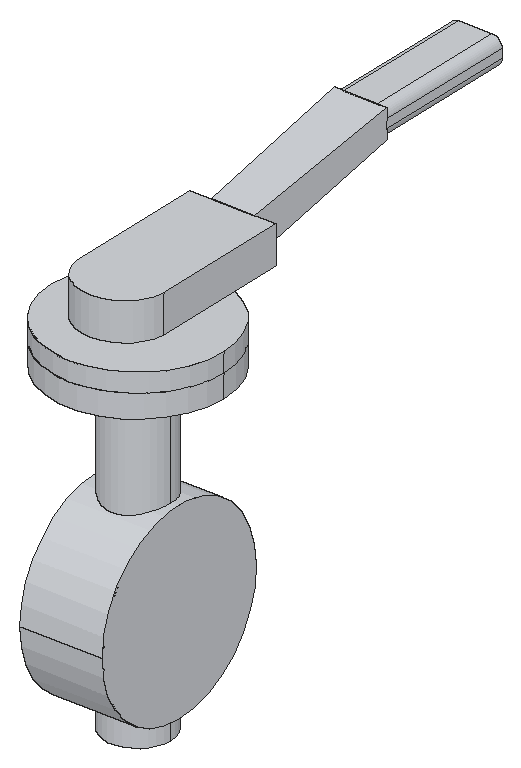
Revit family "HS497-68_disk-nerez_s pákou DN050-RFA_2019", category Pipe Accessories, Revit 2019
Family settings
  Round Connector Dimension = Use Diameter
  Part Type = Valve - Breaks Into
  Work Plane-Based = No
  Always vertical = Yes
  Cut with Voids When Loaded = No
  Shared = No
Parameters (values of type "HS 497-68_DN050_PN16_s pákou")
  magiProductId = "dabc632061f94877a994b9b4e68112"
  magiProductFamilyId = "53cea81e6f374d17b8841d9c72ad77"
  magiPartTypeId = 305
  isMeasuringValve [instance] = no
  ang2D [instance] = 0.00°
  X11 = 61.456 mm
  X1 = 25.456 mm
  W2D = 1000 mm
  VersionID = "2.0/2017.9.26.1/ZETKAMA_497_001"
  Use Minimum Symbol Size [instance] = yes
  URL = "http://www.hydronic.cz"
  Type Comments = "mezipřírubová; nerezový disk; PN16; -10~+110°C (krátkodobě +120°C)"
  SW30 = no
  SW3 = no
  SW21 = no
  SW20 = yes
  SW2 = yes
  SW1 = no
  R = 25 mm
  QmdConnectorList = "301;D;302;D"
  Productdata [instance] = ""
  NC = 50 mm
  Manufacturer = "Hydronic Systems Prague s.r.o."
  MM20 = 25.456 mm
  MC Product Code = "121 050 (nerezový disk, s pákou; DN50; PN16, kvs98)"
  M41 = 66 mm
  M4 = 44 mm
  LHL = 220 mm
  LHH3 = 2.45 mm
  LHH1 = 46.55 mm
  LH1 = 73.333 mm
  L4R__ve = -L4R  # -12.8 mm
  L4R = 12.8 mm
  L42__ve = -L42  # -96 mm
  L42 = 96 mm
  L41__ve = -L41  # -19.2 mm
  L41 = 19.2 mm
  L2D_Min = 3048 mm
  L2D = 216 mm
  L2 = 21.5 mm
  L1 = 34.4 mm
  L = 43 mm
  H = 30 mm
  G22 = 11.25 mm
  G2 = 22.5 mm
  G1 = 90 mm
  G = 90 mm
  F = 11 mm
  E44 = 31.25 mm
  E42 = 62.5 mm
  E4 = 125 mm
  E23 = 4.9 mm
  E22 = 19.6 mm
  E21 = 9.8 mm
  Description = "Mezipřírubová uzavírací klapka s pákou; nerezový disk, DN50; PN16; kvs98"
  DR2 = 25 mm
  DR = 100 mm
  DD1 = 15.625 mm
  DD = 12.5 mm
  D = 50 mm
  CAT0 = yes
  B2__ve = -B2  # -36.5 mm
  B2 = 36.5 mm
  A2 = 12 mm
  A1 = 83 mm
Types (43, lengths in mm): name | magiProductId | X11 | X1 | Type Comments | SW30 | SW3 | SW20 | SW2 | SW1 | R | NC | Manufacturer | MM20 | MC Product Code | M41 | M4 | LHL | LHH3 | LHH1 | LH1 | L4R__ve | L4R | L42__ve | L42 | L41__ve | L41 | L2 | L1 | L | H | G | F | E44 | E42 | E4 | E23 | E22 | E21 | Description | DR2 | DR | DD1 | DD | D | B2__ve | B2 | A2 | A1
  HS 497-68_DN100_PN16_volné vřeteno | "65d1b245f4f142c78569c0602d5754" | 61.456 | 25.456 | "mezipřírubová; nerezový disk; PN16; -10~+110°C (krátkodobě +120°C)" | no | no | no | no | yes | 50 | 50 | "Hydronic Systems Prague s.r.o." | 25.456 | "124 100 (nerezový disk, s volným vřetenem; DN100; PN16, kvs512)" | 66 | 44 | 220 | 2.45 | 46.55 | 73.333 | -12.8 | 12.8 | -96 | 96 | -19.2 | 19.2 | 26 | 41.6 | 52 | 30 | 90 | 11 | 31.25 | 62.5 | 125 | 4.9 | 19.6 | 9.8 | "Mezipřírubová uzavírací klapka s volným vřetenem; nerezový disk, DN100; PN16; kvs512" | 50 | 147 | 15.625 | 12.5 | 100 | -56 | 56 | 16.5 | 98.5
  HS 497-68_DN100_PN16_převodové kolo | "11e91b807e674d428c8e796fcdcfe2" | 61.456 | 25.456 | "mezipřírubová; nerezový disk; PN16; -10~+110°C (krátkodobě +120°C)" | yes | yes | no | no | no | 50 | 50 | "Hydronic Systems Prague s.r.o." | 25.456 | "126 100 (nerezový disk, s převodovým kolem; DN100; PN16, kvs512)" | 65.25 | 43.5 | 220 | 2.45 | 46.55 | 73.333 | -12.8 | 12.8 | -96 | 96 | -19.2 | 19.2 | 26 | 41.6 | 52 | 30 | 90 | 11 | 31.25 | 62.5 | 125 | 4.9 | 19.6 | 9.8 | "Mezipřírubová uzavírací klapka s převodovým kolem; nerezový disk, DN100; PN16; kvs512" | 50 | 147 | 15.625 | 12.5 | 100 | -56 | 56 | 16.5 | 98.5
  HS 497-68_DN100_PN16_s pákou | "28172f0b3f4b47b28323ac71cf8749" | 61.456 | 25.456 | "mezipřírubová; nerezový disk; PN16; -10~+110°C (krátkodobě +120°C)" | no | no | yes | yes | no | 50 | 50 | "Hydronic Systems Prague s.r.o." | 25.456 | "121 100 (nerezový disk, s pákou; DN100; PN16, kvs512)" | 66 | 44 | 260 | 3 | 57 | 86.667 | -12.8 | 12.8 | -96 | 96 | -19.2 | 19.2 | 26 | 41.6 | 52 | 30 | 90 | 11 | 31.25 | 62.5 | 125 | 6 | 24 | 12 | "Mezipřírubová uzavírací klapka s pákou; nerezový disk, DN100; PN16; kvs512" | 50 | 147 | 15.625 | 12.5 | 100 | -56 | 56 | 16.5 | 98.5
  HS 497-68_DN125_PN16_volné vřeteno | "0d813d910fc14f628bb3c2efbd185c" | 61.456 | 25.456 | "mezipřírubová; nerezový disk; PN16; -10~+110°C (krátkodobě +120°C)" | no | no | no | no | yes | 62.5 | 50 | "Hydronic Systems Prague s.r.o." | 25.456 | "124 125 (nerezový disk, s volným vřetenem; DN125; PN16, kvs872)" | 66 | 44 | 220 | 2.45 | 46.55 | 73.333 | -12.8 | 12.8 | -96 | 96 | -19.2 | 19.2 | 28 | 44.8 | 56 | 33 | 90 | 14 | 31.25 | 62.5 | 125 | 4.9 | 19.6 | 9.8 | "Mezipřírubová uzavírací klapka s volným vřetenem; nerezový disk, DN125; PN16; kvs872" | 62.5 | 180 | 15.625 | 12.5 | 125 | -64 | 64 | 18 | 99.5
  HS 497-68_DN125_PN16_převodové kolo | "c56b7c13f372467684996fb1e0e229" | 61.456 | 25.456 | "mezipřírubová; nerezový disk; PN16; -10~+110°C (krátkodobě +120°C)" | yes | yes | no | no | no | 62.5 | 50 | "Hydronic Systems Prague s.r.o." | 25.456 | "126125 (nerezový disk, s převodovým kolem; DN125; PN16, kvs872)" | 65.25 | 43.5 | 220 | 2.45 | 46.55 | 73.333 | -13.5 | 13.5 | -101.25 | 101.25 | -20.25 | 20.25 | 28 | 44.8 | 56 | 33 | 90 | 14 | 40 | 80 | 160 | 4.9 | 19.6 | 9.8 | "Mezipřírubová uzavírací klapka s převodovým kolem; nerezový disk, DN125; PN16; kvs872" | 62.5 | 180 | 20 | 16 | 125 | -64 | 64 | 18 | 99.5
  HS 497-68_DN125_PN16_s pákou | "105993c79a91492399feef7931321a" | 61.456 | 25.456 | "mezipřírubová; nerezový disk; PN16; -10~+110°C (krátkodobě +120°C)" | no | no | yes | yes | no | 62.5 | 50 | "Hydronic Systems Prague s.r.o." | 25.456 | "121 125 (nerezový disk, s pákou; DN125; PN16, kvs872)" | 66 | 44 | 315 | 3.75 | 71.25 | 105 | -12.8 | 12.8 | -96 | 96 | -19.2 | 19.2 | 28 | 44.8 | 56 | 33 | 90 | 14 | 31.25 | 62.5 | 125 | 7.5 | 30 | 15 | "Mezipřírubová uzavírací klapka s pákou; nerezový disk, DN125; PN16; kvs872" | 62.5 | 180 | 15.625 | 12.5 | 125 | -64 | 64 | 18 | 99.5
  HS 497-68_DN150_PN16_volné vřeteno | "50c80cb8ab434f55ab7796e5ac1331" | 61.456 | 25.456 | "mezipřírubová; nerezový disk; PN16; -10~+110°C (krátkodobě +120°C)" | no | no | no | no | yes | 75 | 50 | "Hydronic Systems Prague s.r.o." | 25.456 | "124 150 (nerezový disk, s volným vřetenem; DN150; PN16, kvs1347)" | 66 | 44 | 220 | 2.45 | 46.55 | 73.333 | -12.8 | 12.8 | -96 | 96 | -19.2 | 19.2 | 28 | 44.8 | 56 | 33 | 90 | 14 | 31.25 | 62.5 | 125 | 4.9 | 19.6 | 9.8 | "Mezipřírubová uzavírací klapka s volným vřetenem; nerezový disk, DN150; PN16; kvs1347" | 75 | 206 | 15.625 | 12.5 | 150 | -58 | 58 | 19.3 | 98.7
  HS 497-68_DN150_PN16_převodové kolo | "d94a1a0cf83b476eb10011b327f709" | 61.456 | 25.456 | "mezipřírubová; nerezový disk; PN16; -10~+110°C (krátkodobě +120°C)" | yes | yes | no | no | no | 75 | 50 | "Hydronic Systems Prague s.r.o." | 25.456 | "126 150 (nerezový disk, s převodovým kolem; DN150; PN16, kvs1347)" | 65.25 | 43.5 | 220 | 2.45 | 46.55 | 73.333 | -13.5 | 13.5 | -101.25 | 101.25 | -20.25 | 20.25 | 28 | 44.8 | 56 | 33 | 90 | 14 | 40 | 80 | 160 | 4.9 | 19.6 | 9.8 | "Mezipřírubová uzavírací klapka s převodovým kolem; nerezový disk, DN150; PN16; kvs1347" | 75 | 206 | 20 | 16 | 150 | -58 | 58 | 19.3 | 98.7
  HS 497-68_DN150_PN16_s pákou | "4d2835523fe84828bc50ff0a5a0dfb" | 61.456 | 25.456 | "mezipřírubová; nerezový disk; PN16; -10~+110°C (krátkodobě +120°C)" | no | no | yes | yes | no | 75 | 50 | "Hydronic Systems Prague s.r.o." | 25.456 | "121 150 (nerezový disk, s pákou; DN150; PN16, kvs1347)" | 66 | 44 | 315 | 3.75 | 71.25 | 105 | -12.8 | 12.8 | -96 | 96 | -19.2 | 19.2 | 28 | 44.8 | 56 | 33 | 90 | 14 | 31.25 | 62.5 | 125 | 7.5 | 30 | 15 | "Mezipřírubová uzavírací klapka s pákou; nerezový disk, DN150; PN16; kvs1347" | 75 | 206 | 15.625 | 12.5 | 150 | -58 | 58 | 19.3 | 98.7
  HS 497-68_DN200_PN16_volné vřeteno | "5b29029eaeba47139ee1055a4b9201" | 61.456 | 25.456 | "mezipřírubová; nerezový disk; PN16; -10~+110°C (krátkodobě +120°C)" | no | no | no | no | yes | 100 | 50 | "Hydronic Systems Prague s.r.o." | 25.456 | "124 200 (nerezový disk, s volným vřetenem; DN200; PN16, kvs2675)" | 66 | 44 | 220 | 2.45 | 46.55 | 73.333 | -12.8 | 12.8 | -96 | 96 | -19.2 | 19.2 | 30 | 48 | 60 | 33 | 90 | 17 | 31.25 | 62.5 | 125 | 4.9 | 19.6 | 9.8 | "Mezipřírubová uzavírací klapka s volným vřetenem; nerezový disk, DN200; PN16; kvs2675" | 100 | 257 | 15.625 | 12.5 | 200 | -70 | 70 | 22.5 | 102.5
  HS 497-68_DN200_PN16_převodové kolo | "b2793cc1fcc44cf2a35062cd67c04f" | 61.456 | 25.456 | "mezipřírubová; nerezový disk; PN16; -10~+110°C (krátkodobě +120°C)" | yes | yes | no | no | no | 100 | 57 | "Hydronic Systems Prague s.r.o." | 25.456 | "126 200 (nerezový disk, s převodovým kolem; DN200; PN16, kvs2675)" | 78.75 | 52.5 | 220 | 2.45 | 46.55 | 73.333 | -15.2 | 15.2 | -114 | 114 | -22.8 | 22.8 | 30 | 48 | 60 | 33 | 90 | 17 | 50 | 100 | 200 | 4.9 | 19.6 | 9.8 | "Mezipřírubová uzavírací klapka s převodovým kolem; nerezový disk, DN200; PN16; kvs2675" | 100 | 257 | 25 | 20 | 200 | -70 | 70 | 22.5 | 102.5
  HS 497-68_DN200_PN16_s pákou | "f88d96c7af224537a51e72d7d8fffe" | 61.456 | 25.456 | "mezipřírubová; nerezový disk; PN16; -10~+110°C (krátkodobě +120°C)" | no | no | yes | yes | no | 100 | 50 | "Hydronic Systems Prague s.r.o." | 25.456 | "121 200 (nerezový disk, s pákou; DN200; PN16, kvs2675)" | 66 | 44 | 315 | 3.75 | 71.25 | 105 | -12.8 | 12.8 | -96 | 96 | -19.2 | 19.2 | 30 | 48 | 60 | 33 | 90 | 17 | 31.25 | 62.5 | 125 | 7.5 | 30 | 15 | "Mezipřírubová uzavírací klapka s pákou; nerezový disk, DN200; PN16; kvs2675" | 100 | 257 | 15.625 | 12.5 | 200 | -70 | 70 | 22.5 | 102.5
  HS 497-68_DN250_PN16_volné vřeteno | "b662e8305ca2402b9c510e66e6aa55" | 88.77 | 36.77 | "mezipřírubová; nerezový disk; PN16; -10~+110°C (krátkodobě +120°C)" | no | no | no | no | yes | 125 | 50 | "Hydronic Systems Prague s.r.o." | 36.77 | "124 250 (nerezový disk, s volným vřetenem; DN250; PN16, kvs4555)" | 66 | 44 | 220 | 2.45 | 46.55 | 73.333 | -12.8 | 12.8 | -96 | 96 | -19.2 | 19.2 | 34 | 54.4 | 68 | 23 | 130 | 22 | 31.25 | 62.5 | 125 | 4.9 | 19.6 | 9.8 | "Mezipřírubová uzavírací klapka s volným vřetenem; nerezový disk, DN250; PN16; kvs4555" | 125 | 324 | 15.625 | 12.5 | 250 | -85 | 85 | 28.25 | 129.25
  HS 497-68_DN250_PN16_převodové kolo | "5ee9016806664ddfaa2632711f295c" | 88.77 | 36.77 | "mezipřírubová; nerezový disk; PN16; -10~+110°C (krátkodobě +120°C)" | yes | yes | no | no | no | 125 | 70 | "Hydronic Systems Prague s.r.o." | 36.77 | "126 250 (nerezový disk, s převodovým kolem; DN250; PN16, kvs4555)" | 91.5 | 61 | 220 | 2.45 | 46.55 | 73.333 | -22.2 | 22.2 | -166.5 | 166.5 | -33.3 | 33.3 | 34 | 54.4 | 68 | 23 | 130 | 22 | 62.5 | 125 | 250 | 4.9 | 19.6 | 9.8 | "Mezipřírubová uzavírací klapka s převodovým kolem; nerezový disk, DN250; PN16; kvs4555" | 125 | 324 | 31.25 | 25 | 250 | -85 | 85 | 28.25 | 129.25
  HS 497-68_DN300_PN16_volné vřeteno | "e1886f51ff004380a649519258edf2" | 88.77 | 36.77 | "mezipřírubová; nerezový disk; PN16; -10~+110°C (krátkodobě +120°C)" | no | no | no | no | yes | 150 | 50 | "Hydronic Systems Prague s.r.o." | 36.77 | "124 300 (nerezový disk, s volným vřetenem; DN300; PN16, kvs7037)" | 66 | 44 | 220 | 2.45 | 46.55 | 73.333 | -12.8 | 12.8 | -96 | 96 | -19.2 | 19.2 | 39 | 62.4 | 78 | 23 | 130 | 22 | 31.25 | 62.5 | 125 | 4.9 | 19.6 | 9.8 | "Mezipřírubová uzavírací klapka s volným vřetenem; nerezový disk, DN300; PN16; kvs7037" | 150 | 376 | 15.625 | 12.5 | 300 | -90 | 90 | 30.8 | 127.2
  HS 497-68_DN300_PN16_převodové kolo | "6860f094f77d42088fbebc3c97f755" | 88.77 | 36.77 | "mezipřírubová; nerezový disk; PN16; -10~+110°C (krátkodobě +120°C)" | yes | yes | no | no | no | 150 | 70 | "Hydronic Systems Prague s.r.o." | 36.77 | "126 300 (nerezový disk, s převodovým kolem; DN300; PN16, kvs7037)" | 91.5 | 61 | 220 | 2.45 | 46.55 | 73.333 | -22.2 | 22.2 | -166.5 | 166.5 | -33.3 | 33.3 | 39 | 62.4 | 78 | 23 | 130 | 22 | 62.5 | 125 | 250 | 4.9 | 19.6 | 9.8 | "Mezipřírubová uzavírací klapka s převodovým kolem; nerezový disk, DN300; PN16; kvs7037" | 150 | 376 | 31.25 | 25 | 300 | -90 | 90 | 30.8 | 127.2
  HS 497-68_DN032_PN16_volné vřeteno | "8c5f65de52aa4067a77564107e31b2" | 61.456 | 25.456 | "mezipřírubová; nerezový disk; PN16; -10~+110°C (krátkodobě +120°C)" | no | no | no | no | yes | 16 | 50 | "Hydronic Systems Prague s.r.o." | 25.456 | "124 032 (nerezový disk, s volným vřetenem; DN32; PN16, kvs78)" | 66 | 44 | 220 | 2.45 | 46.55 | 73.333 | -12.8 | 12.8 | -96 | 96 | -19.2 | 19.2 | 16.5 | 26.4 | 33 | 30 | 90 | 11 | 31.25 | 62.5 | 125 | 4.9 | 19.6 | 9.8 | "Mezipřírubová uzavírací klapka s volným vřetenem; nerezový disk, DN32; PN16; kvs78" | 16 | 68 | 15.625 | 12.5 | 32 | -44.2 | 44.2 | 10.25 | 76.25
  HS 497-68_DN032_PN16_převodové kolo | "60aaeffa8b3a4e809ef000e4660060" | 61.456 | 25.456 | "mezipřírubová; nerezový disk; PN16; -10~+110°C (krátkodobě +120°C)" | yes | yes | no | no | no | 16 | 50 | "Hydronic Systems Prague s.r.o." | 25.456 | "126 032 (nerezový disk, s převodovým kolem; DN32; PN16, kvs78)" | 65.25 | 43.5 | 220 | 2.45 | 46.55 | 73.333 | -12.8 | 12.8 | -96 | 96 | -19.2 | 19.2 | 16.5 | 26.4 | 33 | 30 | 90 | 11 | 31.25 | 62.5 | 125 | 4.9 | 19.6 | 9.8 | "Mezipřírubová uzavírací klapka s převodovým kolem; nerezový disk, DN32; PN16; kvs78" | 16 | 68 | 15.625 | 12.5 | 32 | -44.2 | 44.2 | 10.25 | 76.25
  HS 497-68_DN032_PN16_s pákou | "9ad8088d610749a1b871aa2aad8007" | 61.456 | 25.456 | "mezipřírubová; nerezový disk; PN16; -10~+110°C (krátkodobě +120°C)" | no | no | yes | yes | no | 16 | 50 | "Hydronic Systems Prague s.r.o." | 25.456 | "121 032 (nerezový disk, s pákou; DN32; PN16, kvs78)" | 66 | 44 | 220 | 2.45 | 46.55 | 73.333 | -12.8 | 12.8 | -96 | 96 | -19.2 | 19.2 | 16.5 | 26.4 | 33 | 30 | 90 | 11 | 31.25 | 62.5 | 125 | 4.9 | 19.6 | 9.8 | "Mezipřírubová uzavírací klapka s pákou; nerezový disk, DN32; PN16; kvs78" | 16 | 68 | 15.625 | 12.5 | 32 | -44.2 | 44.2 | 10.25 | 76.25
  HS 497-68_DN350_PN10_volné vřeteno | "72a1e05f22944421b7e9596a877137" | 109.255 | 45.255 | "mezipřírubová; nerezový disk; PN10; -10~+110°C (krátkodobě +120°C)" | no | no | no | no | yes | 175 | 50 | "Hydronic Systems Prague s.r.o." | 45.255 | "124 350 (nerezový disk, s volným vřetenem; DN350; PN10, kvs10165)" | 66 | 44 | 220 | 2.45 | 46.55 | 73.333 | -12.8 | 12.8 | -96 | 96 | -19.2 | 19.2 | 39 | 62.4 | 78 | 31 | 160 | 22 | 31.25 | 62.5 | 125 | 4.9 | 19.6 | 9.8 | "Mezipřírubová uzavírací klapka s volným vřetenem; nerezový disk, DN350; PN10; kvs10165" | 175 | 430 | 15.625 | 12.5 | 350 | -88 | 88 | 33.85 | 129.65
  HS 497-68_DN350_PN10_převodové kolo | "a5a01426cb28494ba3afca92f1dace" | 109.255 | 45.255 | "mezipřírubová; nerezový disk; PN10; -10~+110°C (krátkodobě +120°C)" | yes | yes | no | no | no | 175 | 70 | "Hydronic Systems Prague s.r.o." | 45.255 | "126 350 (nerezový disk, s převodovým kolem; DN350; PN10, kvs10165)" | 91.5 | 61 | 220 | 2.45 | 46.55 | 73.333 | -22.2 | 22.2 | -166.5 | 166.5 | -33.3 | 33.3 | 39 | 62.4 | 78 | 31 | 160 | 22 | 62.5 | 125 | 250 | 4.9 | 19.6 | 9.8 | "Mezipřírubová uzavírací klapka s převodovým kolem; nerezový disk, DN350; PN10; kvs10165" | 175 | 430 | 31.25 | 25 | 350 | -88 | 88 | 33.85 | 129.65
  HS 497-68_DN400_PN10_volné vřeteno | "c70ebeb927c04ab99b176e257ad0a7" | 109.255 | 45.255 | "mezipřírubová; nerezový disk; PN10; -10~+110°C (krátkodobě +120°C)" | no | no | no | no | yes | 200 | 50 | "Hydronic Systems Prague s.r.o." | 45.255 | "124 400 (nerezový disk, s volným vřetenem; DN400; PN10, kvs13799)" | 66 | 44 | 220 | 2.45 | 46.55 | 73.333 | -12.8 | 12.8 | -96 | 96 | -19.2 | 19.2 | 51 | 81.6 | 102 | 31 | 160 | 27 | 31.25 | 62.5 | 125 | 4.9 | 19.6 | 9.8 | "Mezipřírubová uzavírací klapka s volným vřetenem; nerezový disk, DN400; PN10; kvs13799" | 200 | 485 | 15.625 | 12.5 | 400 | -108 | 108 | 38 | 142
  HS 497-68_DN400_PN10_převodové kolo | "cc64a4384dcb41b780d81810f4f293" | 109.255 | 45.255 | "mezipřírubová; nerezový disk; PN10; -10~+110°C (krátkodobě +120°C)" | yes | yes | no | no | no | 200 | 72.5 | "Hydronic Systems Prague s.r.o." | 45.255 | "126 400 (nerezový disk, s převodovým kolem; DN400; PN10, kvs13799)" | 103.5 | 69 | 220 | 2.45 | 46.55 | 73.333 | -27.8 | 27.8 | -208.5 | 208.5 | -41.7 | 41.7 | 51 | 81.6 | 102 | 31 | 160 | 27 | 75 | 150 | 300 | 4.9 | 19.6 | 9.8 | "Mezipřírubová uzavírací klapka s převodovým kolem; nerezový disk, DN400; PN10; kvs13799" | 200 | 485 | 37.5 | 30 | 400 | -108 | 108 | 38 | 142
  HS 497-68_DN040_PN16_volné vřeteno | "35f92312390745e88df5b5c325d9ee" | 61.456 | 25.456 | "mezipřírubová; nerezový disk; PN16; -10~+110°C (krátkodobě +120°C)" | no | no | no | no | yes | 20 | 50 | "Hydronic Systems Prague s.r.o." | 25.456 | "124 040 (nerezový disk, s volným vřetenem; DN40; PN16, kvs78)" | 66 | 44 | 220 | 2.45 | 46.55 | 73.333 | -12.8 | 12.8 | -96 | 96 | -19.2 | 19.2 | 16.5 | 26.4 | 33 | 30 | 90 | 11 | 31.25 | 62.5 | 125 | 4.9 | 19.6 | 9.8 | "Mezipřírubová uzavírací klapka s volným vřetenem; nerezový disk, DN40; PN16; kvs78" | 20 | 76 | 15.625 | 12.5 | 40 | -36 | 36 | 11 | 79
  HS 497-68_DN040_PN16_převodové kolo | "d88e968eae3445bc9b7b4e6ff35127" | 61.456 | 25.456 | "mezipřírubová; nerezový disk; PN16; -10~+110°C (krátkodobě +120°C)" | yes | yes | no | no | no | 20 | 50 | "Hydronic Systems Prague s.r.o." | 25.456 | "126 040 (nerezový disk, s převodovým kolem; DN40; PN16, kvs78)" | 65.25 | 43.5 | 220 | 2.45 | 46.55 | 73.333 | -12.8 | 12.8 | -96 | 96 | -19.2 | 19.2 | 16.5 | 26.4 | 33 | 30 | 90 | 11 | 31.25 | 62.5 | 125 | 4.9 | 19.6 | 9.8 | "Mezipřírubová uzavírací klapka s převodovým kolem; nerezový disk, DN40; PN16; kvs78" | 20 | 76 | 15.625 | 12.5 | 40 | -36 | 36 | 11 | 79
  HS 497-68_DN040_PN16_s pákou | "c1b522ca65b4407a98818f232eaacb" | 61.456 | 25.456 | "mezipřírubová; nerezový disk; PN16; -10~+110°C (krátkodobě +120°C)" | no | no | yes | yes | no | 20 | 50 | "Hydronic Systems Prague s.r.o." | 25.456 | "121 040 (nerezový disk, s pákou; DN40; PN16, kvs78)" | 66 | 44 | 220 | 2.45 | 46.55 | 73.333 | -12.8 | 12.8 | -96 | 96 | -19.2 | 19.2 | 16.5 | 26.4 | 33 | 30 | 90 | 11 | 31.25 | 62.5 | 125 | 4.9 | 19.6 | 9.8 | "Mezipřírubová uzavírací klapka s pákou; nerezový disk, DN40; PN16; kvs78" | 20 | 76 | 15.625 | 12.5 | 40 | -36 | 36 | 11 | 79
  HS 497-68_DN450_PN10_volné vřeteno | "a8358bc282f14872b3194e530e590a" | 129.74 | 53.74 | "mezipřírubová; nerezový disk; PN10; -10~+110°C (krátkodobě +120°C)" | no | no | no | no | yes | 225 | 50 | "Hydronic Systems Prague s.r.o." | 53.74 | "124 450 (nerezový disk, s volným vřetenem; DN450; PN10, kvs18514)" | 66 | 44 | 220 | 2.45 | 46.55 | 73.333 | -12.8 | 12.8 | -96 | 96 | -19.2 | 19.2 | 57 | 91.2 | 114 | 38 | 190 | 36 | 31.25 | 62.5 | 125 | 4.9 | 19.6 | 9.8 | "Mezipřírubová uzavírací klapka s volným vřetenem; nerezový, DN450; PN10; kvs18514" | 225 | 536 | 15.625 | 12.5 | 450 | -115 | 115 | 38.05 | 117.45
  HS 497-68_DN450_PN10_převodové kolo | "cdf2d80f54a9414f9cbe50647c0ebd" | 129.74 | 53.74 | "mezipřírubová; nerezový disk; PN10; -10~+110°C (krátkodobě +120°C)" | yes | yes | no | no | no | 225 | 91.5 | "Zetkama" | 53.74 | "126 450 (nerezový disk, s převodovým kolem; DN450; PN10, kvs18514)" | 144.75 | 96.5 | 220 | 2.45 | 46.55 | 73.333 | -32.1 | 32.1 | -240.75 | 240.75 | -48.15 | 48.15 | 57 | 91.2 | 114 | 38 | 190 | 36 | 100 | 200 | 400 | 4.9 | 19.6 | 9.8 | "Mezipřírubová uzavírací klapka s převodovým kolem; nerezový disk, DN450; PN10; kvs18514" | 225 | 536 | 50 | 40 | 450 | -115 | 115 | 38.05 | 117.45
  HS 497-68_DN500_PN10_volné vřeteno | "8c396e27bb2743f98f3c762b6517cd" | 143.397 | 59.397 | "mezipřírubová; nerezový disk; PN10; -10~+110°C (krátkodobě +120°C)" | no | no | no | no | yes | 250 | 50 | "Hydronic Systems Prague s.r.o." | 59.397 | "124 500 (nerezový disk, s volným vřetenem; DN500; PN10, kvs23805)" | 66 | 44 | 220 | 2.45 | 46.55 | 73.333 | -12.8 | 12.8 | -96 | 96 | -19.2 | 19.2 | 63.5 | 101.6 | 127 | 38 | 210 | 36 | 31.25 | 62.5 | 125 | 4.9 | 19.6 | 9.8 | "Mezipřírubová uzavírací klapka s volným vřetenem; nerezový disk, DN500; PN10; kvs23805" | 250 | 593 | 15.625 | 12.5 | 500 | -130 | 130 | 43.25 | 139.25
  HS 497-68_DN500_PN10_převodové kolo | "7647804f32e94cef828a7034a91a46" | 143.397 | 59.397 | "mezipřírubová; nerezový disk; PN10; -10~+110°C (krátkodobě +120°C)" | yes | yes | no | no | no | 250 | 91.5 | "Zetkama" | 59.397 | "126 500 (nerezový disk, s převodovým kolem; DN500; PN10, kvs23805)" | 144.75 | 96.5 | 220 | 2.45 | 46.55 | 73.333 | -32.1 | 32.1 | -240.75 | 240.75 | -48.15 | 48.15 | 63.5 | 101.6 | 127 | 38 | 210 | 36 | 100 | 200 | 400 | 4.9 | 19.6 | 9.8 | "Mezipřírubová uzavírací klapka s převodovým kolem; nerezový disk, DN500; PN10; kvs23805" | 250 | 593 | 50 | 40 | 500 | -130 | 130 | 43.25 | 139.25
  HS 497-68_DN050_volné vřeteno | "d71f296ecd6d4adf8f6e5d9853b4e0" | 61.456 | 25.456 | "mezipřírubová; nerezový disk; PN16; -10~+110°C (krátkodobě +120°C)" | no | no | no | no | yes | 25 | 50 | "Hydronic Systems Prague s.r.o." | 25.456 | "124 050 (nerezový disk, s volným vřetenem; DN50; PN16, kvs98)" | 66 | 44 | 220 | 2.45 | 46.55 | 73.333 | -12.8 | 12.8 | -96 | 96 | -19.2 | 19.2 | 21.5 | 34.4 | 43 | 30 | 90 | 11 | 31.25 | 62.5 | 125 | 4.9 | 19.6 | 9.8 | "Mezipřírubová uzavírací klapka s volným vřetenem; nerezový disk, DN50; PN16; kvs98" | 25 | 100 | 15.625 | 12.5 | 50 | -36.5 | 36.5 | 12 | 83
  HS 497-68_DN050_PN16_převodové kolo | "2fb080deeaed49c58418b94c1da5a4" | 61.456 | 25.456 | "mezipřírubová; nerezový disk; PN16; -10~+110°C (krátkodobě +120°C)" | yes | yes | no | no | no | 25 | 50 | "Hydronic Systems Prague s.r.o." | 25.456 | "126 050 (nerezový disk, s převodovým kolem; DN50; PN16, kvs98)" | 65.25 | 43.5 | 220 | 2.45 | 46.55 | 73.333 | -12.8 | 12.8 | -96 | 96 | -19.2 | 19.2 | 21.5 | 34.4 | 43 | 30 | 90 | 11 | 31.25 | 62.5 | 125 | 4.9 | 19.6 | 9.8 | "Mezipřírubová uzavírací klapka s převodovým kolem; nerezový disk, DN50; PN16; kvs98" | 25 | 100 | 15.625 | 12.5 | 50 | -36.5 | 36.5 | 12 | 83
  HS 497-68_DN050_PN16_s pákou | "dabc632061f94877a994b9b4e68112" | 61.456 | 25.456 | "mezipřírubová; nerezový disk; PN16; -10~+110°C (krátkodobě +120°C)" | no | no | yes | yes | no | 25 | 50 | "Hydronic Systems Prague s.r.o." | 25.456 | "121 050 (nerezový disk, s pákou; DN50; PN16, kvs98)" | 66 | 44 | 220 | 2.45 | 46.55 | 73.333 | -12.8 | 12.8 | -96 | 96 | -19.2 | 19.2 | 21.5 | 34.4 | 43 | 30 | 90 | 11 | 31.25 | 62.5 | 125 | 4.9 | 19.6 | 9.8 | "Mezipřírubová uzavírací klapka s pákou; nerezový disk, DN50; PN16; kvs98" | 25 | 100 | 15.625 | 12.5 | 50 | -36.5 | 36.5 | 12 | 83
  HS 497-68_DN600_PN10_volné vřeteno | "99d5892c14664fce81a7c5903f7711" | 143.397 | 59.397 | "mezipřírubová; nerezový disk; PN10; -10~+110°C (krátkodobě +120°C)" | no | no | no | no | yes | 300 | 50 | "Hydronic Systems Prague s.r.o." | 59.397 | "124 600 (nerezový disk, s volným vřetenem; DN600; PN10, kvs36778)" | 66 | 44 | 220 | 2.45 | 46.55 | 73.333 | -12.8 | 12.8 | -96 | 96 | -19.2 | 19.2 | 77 | 123.2 | 154 | 80 | 210 | 60 | 31.25 | 62.5 | 125 | 4.9 | 19.6 | 9.8 | "Mezipřírubová uzavírací klapka s volným vřetenem; nerezový disk, DN600; PN10; kvs36788" | 300 | 690 | 15.625 | 12.5 | 600 | -140 | 140 | 49.4 | 144.6
  HS 497-68_DN600_PN10_převodové kolo | "b1e26faab48a4c499f6bb11e7e3002" | 143.397 | 59.397 | "mezipřírubová; lnerezový disk; PN10; -10~+110°C (krátkodobě +120°C)" | yes | yes | no | no | no | 300 | 140 | "Hydronic Systems Prague s.r.o." | 59.397 | "126 600 (nerezový disk, s převodovým kolem; DN600; PN10, kvs36778)" | 206.25 | 137.5 | 220 | 2.45 | 46.55 | 73.333 | -40.8 | 40.8 | -306 | 306 | -61.2 | 61.2 | 77 | 123.2 | 154 | 80 | 210 | 60 | 125 | 250 | 500 | 4.9 | 19.6 | 9.8 | "Mezipřírubová uzavírací klapka s převodovým kolem; nerezový disk, DN600; PN10; kvs36788" | 300 | 690 | 62.5 | 50 | 600 | -140 | 140 | 49.4 | 144.6
  HS 497-68_DN065_PN16_volné vřeteno | "5e5e208646e34ec29f889baab5d08e" | 61.456 | 25.456 | "mezipřírubová; lnerezový disk; PN16; -10~+110°C (krátkodobě +120°C)" | no | no | no | no | yes | 32.5 | 50 | "Hydronic Systems Prague s.r.o." | 25.456 | "124 065 (nerezový disk, s volným vřetenem; DN65; PN16, kvs167)" | 66 | 44 | 220 | 2.45 | 46.55 | 73.333 | -12.8 | 12.8 | -96 | 96 | -19.2 | 19.2 | 23 | 36.8 | 46 | 30 | 90 | 11 | 31.25 | 62.5 | 125 | 4.9 | 19.6 | 9.8 | "Mezipřírubová uzavírací klapka s volným vřetenem; nerezový disk, DN65; PN16; kv167" | 32.5 | 108 | 15.625 | 12.5 | 65 | -36.5 | 36.5 | 13.5 | 89
  HS 497-68_DN065_PN16_převodové kolo | "654d74c8d15540b0bfe523d988ccb3" | 61.456 | 25.456 | "mezipřírubová; nerezový disk; PN16; -10~+110°C (krátkodobě +120°C)" | yes | yes | no | no | no | 32.5 | 50 | "Hydronic Systems Prague s.r.o." | 25.456 | "126 065 (nerezový disk, s převodovým kolem; DN65; PN16, kvs167)" | 65.25 | 43.5 | 220 | 2.45 | 46.55 | 73.333 | -12.8 | 12.8 | -96 | 96 | -19.2 | 19.2 | 23 | 36.8 | 46 | 30 | 90 | 11 | 31.25 | 62.5 | 125 | 4.9 | 19.6 | 9.8 | "Mezipřírubová uzavírací klapka s převodovým kolem; nerezový disk, DN65; PN16; kvs167" | 32.5 | 108 | 15.625 | 12.5 | 65 | -36.5 | 36.5 | 13.5 | 89
  HS 497-68_DN065_PN16_s pákou | "ebeb4b59db0641caaf6d6635ab37b9" | 61.456 | 25.456 | "mezipřírubová; nerezový disk; PN16; -10~+110°C (krátkodobě +120°C)" | no | no | yes | yes | no | 32.5 | 50 | "Hydronic Systems Prague s.r.o." | 25.456 | "121 065 (nerezový disk, s pákou; DN65; PN16, kvs167)" | 66 | 44 | 220 | 2.45 | 46.55 | 73.333 | -12.8 | 12.8 | -96 | 96 | -19.2 | 19.2 | 23 | 36.8 | 46 | 30 | 90 | 11 | 31.25 | 62.5 | 125 | 4.9 | 19.6 | 9.8 | "Mezipřírubová uzavírací klapka s pákou; nerezový disk, DN65; PN16; kvs167" | 32.5 | 108 | 15.625 | 12.5 | 65 | -36.5 | 36.5 | 13.5 | 89
  HS 497-68_DN080_PN16_volné vřeteno | "9e85c75c18654e1185a9c48ed6b00e" | 61.456 | 25.456 | "mezipřírubová; nerezový disk; PN16; -10~+110°C (krátkodobě +120°C)" | no | no | no | no | yes | 40 | 50 | "Hydronic Systems Prague s.r.o." | 25.456 | "124 080 (nerezový disk, s volným vřetenem; DN80; PN16, kvs258)" | 66 | 44 | 220 | 2.45 | 46.55 | 73.333 | -12.8 | 12.8 | -96 | 96 | -19.2 | 19.2 | 23 | 36.8 | 46 | 30 | 90 | 11 | 31.25 | 62.5 | 125 | 4.9 | 19.6 | 9.8 | "Mezipřírubová uzavírací klapka s volným vřetenem; nerezový disk, DN80; PN16; kvs258" | 40 | 124 | 15.625 | 12.5 | 80 | -54 | 54 | 14.1 | 86.9
  HS 497-68_DN080_PN16_převodové kolo | "5b3c8238c3d041e68c75b199e7ea46" | 61.456 | 25.456 | "mezipřírubová; nerezový disk; PN16; -10~+110°C (krátkodobě +120°C)" | yes | yes | no | no | no | 40 | 50 | "Hydronic Systems Prague s.r.o." | 25.456 | "126 080 (nerezový disk, s převodovým kolem; DN80; PN16, kvs258)" | 65.25 | 43.5 | 220 | 2.45 | 46.55 | 73.333 | -12.8 | 12.8 | -96 | 96 | -19.2 | 19.2 | 23 | 36.8 | 46 | 30 | 90 | 11 | 31.25 | 62.5 | 125 | 4.9 | 19.6 | 9.8 | "Mezipřírubová uzavírací klapka s převodovým kolem; nerezový disk, DN80; PN16; kvs258" | 40 | 124 | 15.625 | 12.5 | 80 | -54 | 54 | 14.1 | 86.9
  HS 497-68_DN080_PN16_s pákou | "e414795fab0f4eccb99bc3572c5477" | 61.456 | 25.456 | "mezipřírubová; nerezový disk; PN16; -10~+110°C (krátkodobě +120°C)" | no | no | yes | yes | no | 40 | 50 | "Hydronic Systems Prague s.r.o." | 25.456 | "121 080 (nerezový disk, s pákou; DN80; PN16, kvs258)" | 66 | 44 | 260 | 3 | 57 | 86.667 | -12.8 | 12.8 | -96 | 96 | -19.2 | 19.2 | 23 | 36.8 | 46 | 30 | 90 | 11 | 31.25 | 62.5 | 125 | 6 | 24 | 12 | "Mezipřírubová uzavírací klapka s pákou; nerezový disk, DN80; PN16; kvs258" | 40 | 124 | 15.625 | 12.5 | 80 | -54 | 54 | 14.1 | 86.9
  HS 497-68_DN250_PN16_s pákou | "" | 88.77 | 36.77 | "mezipřírubová; nerezový disk; PN16; -10~+110°C (krátkodobě +120°C)" | no | no | yes | yes | no | 125 | 70 | "Hydronic Systems Prague s.r.o." | 36.77 | "121 250 (nerezový disk, s ákou; DN250; PN16, kvs4555)" | 91.5 | 61 | 220 | 2.45 | 46.55 | 73.333 | -22.2 | 22.2 | -166.5 | 166.5 | -33.3 | 33.3 | 34 | 54.4 | 68 | 23 | 130 | 22 | 62.5 | 125 | 250 | 4.9 | 19.6 | 9.8 | "Mezipřírubová uzavírací klapka s pákou; nerezový disk, DN250; PN16; kvs4555" | 125 | 324 | 31.25 | 25 | 250 | -85 | 85 | 28.25 | 129.25
  HS 497-68_DN300_PN16_s pákou | "" | 88.77 | 36.77 | "mezipřírubová; nerezový disk; PN16; -10~+110°C (krátkodobě +120°C)" | no | no | yes | yes | no | 150 | 70 | "Hydronic Systems Prague s.r.o." | 36.77 | "121 300 (nerezový disk, s pákou; DN300; PN16, kvs7037)" | 91.5 | 61 | 220 | 2.45 | 46.55 | 73.333 | -22.2 | 22.2 | -166.5 | 166.5 | -33.3 | 33.3 | 39 | 62.4 | 78 | 23 | 130 | 22 | 62.5 | 125 | 250 | 4.9 | 19.6 | 9.8 | "Mezipřírubová uzavírací klapka s pákou; nerezový disk, DN300; PN16; kvs7037" | 150 | 376 | 31.25 | 25 | 300 | -90 | 90 | 30.8 | 127.2
Reference planes
  plane 1 "Center (Front/Back)": y = 0
  plane 2 "XYPLANE": z = 0
  plane 3 "Center (Left/Right)": x = 0
  plane 4 "473": x = -25.456
  plane 5 "472": x = -66
  plane 6 "471": y = -25.456
  plane 7 "470": y = 25.456
  plane 8 "469": x = -44
  plane 9 "468": y = -115.2
  plane 10 "467": y = -96
  plane 11 "466": z = 151.25
  plane 12 "465": z = 166.55
  plane 13 "464": y = 145.417
  plane 14 "463": z = 156.75
  plane 15 "462": z = 139.6
  plane 16 "461": z = 149.4
  plane 17 "460": y = 72.083
  plane 18 "459": x = -11.25
  plane 19 "458": x = 11.25
  plane 20 "457": y = -6.25
  plane 21 "456": x = -17.5
  plane 22 "455": x = 17.5
  plane 23 "454": z = 154.3
  plane 24 "453": y = 62.083
  plane 25 "452": y = -11.25
  plane 26 "451": x = -22.5
  plane 27 "450": x = 22.5
  plane 28 "449": z = 134.7
  plane 29 "448": z = 129.8
  plane 30 "447": z = -25
  plane 31 "446": z = 120
  plane 32 "445": z = 108
  plane 33 "444": z = 25
  plane 34 "443": x = 21.5
  plane 35 "442": x = -21.5
  plane 36 "441": z = 0
  plane 37 "440": y = 0
  plane 38 "439": x = 0
  plane 39 "438": z = 169
  plane 40 "437": z = 154.3
  plane 41 "436": x = 13.7
  plane 42 "435": x = -13.7
  plane 43 "434": y = 220
Forms (mm)
  Extrusion 1, solid, visible <- "SW3"
    sketch origin (-750, 0, 120) x (1, 0, 0) y (0, 1, 0)
      loop
        line (684, 25.456) -> (684, -25.456) -> (724.544, -25.456)
        arc (724.544, -25.456) -> (786, 0) -> (724.544, 25.456) r 36
        line (724.544, 25.456) -> (684, 25.456)
    from 0 to 62.5 <- "E42"
  Extrusion 2, solid, visible <- "SW30"
    sketch origin (0, -750, 0) x (0, 1, 0) y (0, 0, 1)
      loop
        circle (750, 151.25) r 7.813
    from 0 to 50 <- "NC"
  Extrusion 3, solid, visible <- "SW30"
    sketch origin (750, -115.2, 0) x (-1, 0, 0) y (0, 0, 1)
      loop
        circle (794, 151.25) r 62.5
    from 0 to -12.8 <- "L4R__ve"
  Extrusion 4, solid, visible <- "SW3"
    sketch origin (750, -96, 0) x (-1, 0, 0) y (0, 0, 1)
      loop
        circle (794, 151.25) r 7.813
    from 0 to -19.2 <- "L41__ve"
  Extrusion 5, solid, visible <- "SW30"
    sketch origin (750, 0, 0) x (-1, 0, 0) y (0, 0, 1)
      loop
        circle (794, 151.25) r 6.25
    from 0 to -96 <- "L42__ve"
  Blend 6, solid, visible <- "SW21"
    base sketch origin (750, 72.083, 0) x (-1, 0, 0) y (0, 0, 1)
      loop
        line (761.25, 149.4) -> (738.75, 149.4) -> (738.75, 139.6) -> (761.25, 139.6) -> (761.25, 149.4)
    top sketch origin (750, 72.083, 0) x (-1, 0, 0) y (0, 0, 1)
      loop
        line (761.25, 166.55) -> (738.75, 166.55) -> (738.75, 156.75) -> (761.25, 156.75) -> (761.25, 166.55)
    from 0 to 73.333
  Blend 7, solid, visible <- "SW21"
    base sketch origin (750, 62.083, 0) x (-1, 0, 0) y (0, 0, 1)
      loop
        line (761.25, 154.3) -> (738.75, 154.3) -> (738.75, 134.7) -> (761.25, 134.7) -> (761.25, 154.3)
    top sketch origin (750, 62.083, 0) x (-1, 0, 0) y (0, 0, 1)
      loop
        line (761.25, 149.4) -> (738.75, 149.4) -> (738.75, 139.6) -> (761.25, 139.6) -> (761.25, 149.4)
    from 0 to 10
  Blend 8, solid, visible <- "SW21"
    base sketch origin (-750, 0, 134.7) x (1, 0, 0) y (0, 1, 0)
      loop
        line (772.5, 62.083) -> (727.5, 62.083) -> (727.5, -11.25)
        arc (727.5, -11.25) -> (750, -31.25) -> (772.5, -11.25) r 22.656
        line (772.5, -11.25) -> (772.5, 62.083)
    top sketch origin (-750, 0, 134.7) x (1, 0, 0) y (0, 1, 0)
      loop
        line (767.5, 62.083) -> (732.5, 62.083) -> (732.5, -6.25)
        arc (732.5, -6.25) -> (750, -26.25) -> (767.5, -6.25) r 17.656
        line (767.5, -6.25) -> (767.5, 62.083)
    from 0 to 19.6
  Extrusion 9, solid, visible <- "SW2"
    sketch origin (-750, 0, 129.8) x (1, 0, 0) y (0, 1, 0)
      loop
        circle (750, 0) r 11.25
    from 0 to 4.9 <- "E23"
  Extrusion 10, solid, visible <- "SW2"
    sketch origin (-750, 0, 120) x (1, 0, 0) y (0, 1, 0)
      loop
        circle (750, 0) r 45
    from 0 to 9.8 <- "E21"
  Extrusion 11, solid, visible <- "CAT0"
    sketch origin (-750, 0, -25) x (1, 0, 0) y (0, 1, 0)
      loop
        circle (750, 0) r 17.2
    from 0 to -36.5 <- "B2__ve"
  Extrusion 12, solid, visible <- "CAT0"
    sketch origin (-750, 0, 108) x (1, 0, 0) y (0, 1, 0)
      loop
        circle (750, 0) r 45
    from 0 to 12 <- "A2"
  Extrusion 13, solid, visible <- "CAT0"
    sketch origin (-750, 0, 25) x (1, 0, 0) y (0, 1, 0)
      loop
        circle (750, 0) r 17.2
    from 0 to 83 <- "A1"
  Extrusion 14, solid, visible <- "CAT0"
    sketch origin (-21.5, -750, 0) x (0, 1, 0) y (0, 0, 1)
      loop
        circle (750, 0) r 50
    from 0 to 43 <- "L"
  Extrusion 15, solid, visible <- "SW1"
    sketch origin (-750, 0, 120) x (1, 0, 0) y (0, 1, 0)
      loop
        line (755.5, 5.5) -> (744.5, 5.5) -> (744.5, -5.5) -> (755.5, -5.5) -> (755.5, 5.5)
    from 0 to 30 <- "H"
  Blend 16, solid, visible <- "SW2"
    base sketch origin (750, 145.417, 0) x (-1, 0, 0) y (0, 0, 1)
      loop
        arc (763.7, 164) -> (762.236, 167.536) -> (758.7, 169) r 5
        line (758.7, 169) -> (741.3, 169)
        arc (741.3, 169) -> (737.764, 167.536) -> (736.3, 164) r 5
        line (736.3, 164) -> (736.3, 159.3)
        arc (736.3, 159.3) -> (737.764, 155.764) -> (741.3, 154.3) r 5
        line (741.3, 154.3) -> (758.7, 154.3)
        arc (758.7, 154.3) -> (762.236, 155.764) -> (763.7, 159.3) r 5
        line (763.7, 159.3) -> (763.7, 164)
    top sketch origin (750, 145.417, 0) x (-1, 0, 0) y (0, 0, 1)
      loop
        arc (763.7, 164) -> (762.236, 167.536) -> (758.7, 169) r 5
        line (758.7, 169) -> (741.3, 169)
        arc (741.3, 169) -> (737.764, 167.536) -> (736.3, 164) r 5
        line (736.3, 164) -> (736.3, 159.3)
        arc (736.3, 159.3) -> (737.764, 155.764) -> (741.3, 154.3) r 5
        line (741.3, 154.3) -> (758.7, 154.3)
        arc (758.7, 154.3) -> (762.236, 155.764) -> (763.7, 159.3) r 5
        line (763.7, 159.3) -> (763.7, 164)
    from 0 to 74.583
  Blend 17, solid, visible <- "SW20"
    base sketch origin (750, 145.417, 0) x (-1, 0, 0) y (0, 0, 1)
      loop
        line (763.7, 169) -> (736.3, 169) -> (736.3, 154.3) -> (763.7, 154.3) -> (763.7, 169)
    top sketch origin (750, 145.417, 0) x (-1, 0, 0) y (0, 0, 1)
      loop
        line (761.25, 154.3) -> (738.75, 154.3) -> (738.75, 134.7) -> (761.25, 134.7) -> (761.25, 154.3)
    from 0 to -83.333
  Extrusion 18, solid, visible <- "SW20"
    sketch origin (-750, 0, 134.7) x (1, 0, 0) y (0, 1, 0)
      loop
        line (772.5, 62.083) -> (727.5, 62.083) -> (727.5, -11.25)
        arc (727.5, -11.25) -> (750, -31.25) -> (772.5, -11.25) r 22.656
        line (772.5, -11.25) -> (772.5, 62.083)
    from 0 to 19.6 <- "E22"
  Extrusion 19, solid, not visible
    sketch origin (-21.5, -750, 0) x (0, 1, 0) y (0, 0, 1)
      loop
        circle (750, 0) r 10
    from 0 to 10
  Extrusion 20, solid, not visible
    sketch origin (21.5, -750, 0) x (0, 1, 0) y (0, 0, 1)
      loop
        circle (750, 0) r 10
    from 0 to -10
Lines and regions (mm)
  reference lines, not visible
    curve 1: circle (2, 2, 0) r 1 normal (0, 0, 1)
  reference lines
    curve 2: line (-25.456, -25.456, 120) -> (-25.456, 25.456, 120)
    curve 3: line (-17.5, -6.25, 134.7) -> (17.5, -6.25, 134.7)
    curve 4: line (-22.5, -11.25, 134.7) -> (22.5, -11.25, 134.7)
    curve 5: circle (0, 0, 120) r 1 normal (0, 0, 1)
    curve 6: line (-22.5, -11.25, 134.7) -> (22.5, -11.25, 134.7)
Dimensions and locks
  plane 1 "Center (Front/Back)" to curve 1 = 2 mm
  "X1": plane 3 "Center (Left/Right)" to plane 4 "473"
  "M41": plane 3 "Center (Left/Right)" to plane 5 "472"
  "MM20": plane 1 "Center (Front/Back)" to plane 6 "471"
  "MM20": plane 1 "Center (Front/Back)" to plane 7 "470"
  "M4": plane 3 "Center (Left/Right)" to plane 8 "469"
  "L41": plane 10 "467" to plane 9 "468"
  "L42": plane 1 "Center (Front/Back)" to plane 10 "467"
  "E44": plane 31 "446" to plane 11 "466"
  "LHH1": plane 31 "446" to plane 12 "465"
  "LH1": plane 17 "460" to plane 13 "464"
  "E21": plane 12 "465" to plane 14 "463"
  "E21": plane 16 "461" to plane 15 "462"
  "E23": plane 23 "454" to plane 16 "461"
  locked: plane 24 "453" to plane 17 "460" at 10
  "G22": plane 3 "Center (Left/Right)" to plane 18 "459"
  "G22": plane 3 "Center (Left/Right)" to plane 19 "458"
  locked: plane 25 "452" to plane 20 "457" at 5
  locked: plane 26 "451" to plane 21 "456" at 5
  locked: plane 27 "450" to plane 22 "455" at 5
  "E22": plane 28 "449" to plane 23 "454"
  "LH1": plane 25 "452" to plane 24 "453"
  "G22": plane 1 "Center (Front/Back)" to plane 25 "452"
  "G2": plane 3 "Center (Left/Right)" to plane 26 "451"
  "G2": plane 3 "Center (Left/Right)" to plane 27 "450"
  "E23": plane 29 "448" to plane 28 "449"
  "E21": plane 31 "446" to plane 29 "448"
  "R": plane 2 "XYPLANE" to plane 30 "447"
  "A2": plane 32 "445" to plane 31 "446"
  "A1": plane 33 "444" to plane 32 "445"
  "DR2": plane 2 "XYPLANE" to plane 33 "444"
  "L2": plane 3 "Center (Left/Right)" to plane 34 "443"
  "L2": plane 3 "Center (Left/Right)" to plane 35 "442"
  locked: plane 2 "XYPLANE" to plane 36 "441"
  locked: plane 1 "Center (Front/Back)" to plane 37 "440"
  locked: plane 3 "Center (Left/Right)" to plane 38 "439"
  "LHH3": plane 12 "465" to plane 39 "438"
  "LHH3": plane 14 "463" to plane 40 "437"
  "LHH3": plane 19 "458" to plane 41 "436"
  "LHH3": plane 18 "459" to plane 42 "435"
  "LHL": plane 1 "Center (Front/Back)" to plane 43 "434"
  "X11": curve 2 to Extrusion 1 sketch curve
  Extrusion 1 sketch curve to Extrusion 1 sketch curve = 0 mm  (x8)
  Blend 6 sketch curve to Blend 6 sketch curve = 0 mm  (x16)
  Blend 7 sketch curve to Blend 7 sketch curve = 0 mm  (x16)
  Blend 8 sketch curve to Blend 8 sketch curve = 0 mm  (x16)
  equal spacing: Extrusion 15 sketch curve, curve 5, Extrusion 15 sketch curve  (x2)
  "F": Extrusion 15 sketch curve to Extrusion 15 sketch curve  (x2)
  Blend 16 sketch curve to Blend 16 sketch curve = 0 mm  (x32)
  Blend 17 sketch curve to Blend 17 sketch curve = 0 mm  (x16)
  Extrusion 18 sketch curve to Extrusion 18 sketch curve = 0 mm  (x8)
  "DD1": diameter of Extrusion 2 sketch curve
  "E4": diameter of Extrusion 3 sketch curve
  "DD1": diameter of Extrusion 4 sketch curve
  "DD": diameter of Extrusion 5 sketch curve
  "G2": diameter of Extrusion 9 sketch curve
  "G1": diameter of Extrusion 10 sketch curve
  "L1": diameter of Extrusion 11 sketch curve
  "G": diameter of Extrusion 12 sketch curve
  "L1": diameter of Extrusion 13 sketch curve
  "DR": diameter of Extrusion 14 sketch curve
  radius of Blend 16 sketch curve = 5 mm  (x8)
  aligned and locked: level to plane 2 "XYPLANE"
  aligned and locked: Extrusion 1 sketch curve to plane 5 "472"
  aligned and locked: plane 7 "470" to Extrusion 1 sketch curve
  aligned and locked: plane 6 "471" to Extrusion 1 sketch curve
  aligned and locked: plane 5 "472" to Extrusion 1 sketch curve
  aligned and locked: plane 4 "473" to Extrusion 1 sketch curve  (x2)
  aligned and locked: plane 4 "473" to curve 2
  aligned and locked: plane 6 "471" to curve 2
  aligned and locked: plane 7 "470" to curve 2
  aligned and locked: Extrusion 1 sketch curve to plane 7 "470"
  aligned and locked: plane 11 "466" to Extrusion 2 sketch curve
  aligned and locked: plane 37 "440" to Extrusion 2 sketch curve
  aligned and locked: plane 8 "469" to Extrusion 3 sketch curve
  aligned and locked: plane 11 "466" to Extrusion 3 sketch curve
  aligned and locked: plane 8 "469" to Extrusion 4 sketch curve
  aligned and locked: plane 11 "466" to Extrusion 4 sketch curve
  aligned and locked: plane 8 "469" to Extrusion 5 sketch curve
  aligned and locked: plane 11 "466" to Extrusion 5 sketch curve
  aligned and locked: plane 12 "465" to Blend 6 sketch curve  (x2)
  aligned and locked: plane 18 "459" to Blend 6 sketch curve  (x4)
  aligned and locked: plane 19 "458" to Blend 6 sketch curve  (x4)
  aligned and locked: plane 14 "463" to Blend 6 sketch curve  (x2)
  aligned and locked: plane 16 "461" to Blend 6 sketch curve  (x2)
  aligned and locked: plane 15 "462" to Blend 6 sketch curve  (x2)
  aligned and locked: plane 13 "464" to Blend 6
  aligned and locked: plane 16 "461" to Blend 7 sketch curve  (x2)
  aligned and locked: plane 18 "459" to Blend 7 sketch curve  (x4)
  aligned and locked: plane 19 "458" to Blend 7 sketch curve  (x4)
  aligned and locked: plane 15 "462" to Blend 7 sketch curve  (x2)
  aligned and locked: plane 23 "454" to Blend 7 sketch curve  (x2)
  aligned and locked: plane 28 "449" to Blend 7 sketch curve  (x2)
  aligned and locked: plane 17 "460" to Blend 7
  aligned and locked: plane 24 "453" to Blend 8 sketch curve  (x4)
  aligned and locked: plane 22 "455" to Blend 8 sketch curve  (x2)
  aligned and locked: plane 21 "456" to Blend 8 sketch curve
  aligned and locked: plane 20 "457" to Blend 8 sketch curve  (x2)
  aligned and locked: curve 3 to plane 20 "457"
  aligned and locked: plane 21 "456" to curve 3
  aligned and locked: plane 22 "455" to curve 3
  aligned and locked: plane 27 "450" to Blend 8 sketch curve  (x2)
  aligned and locked: plane 26 "451" to Blend 8 sketch curve
  aligned and locked: plane 25 "452" to Blend 8 sketch curve  (x2)
  aligned and locked: curve 4 to plane 25 "452"
  aligned and locked: plane 26 "451" to curve 4
  aligned and locked: plane 27 "450" to curve 4
  aligned and locked: plane 23 "454" to Blend 8
  aligned and locked: plane 37 "440" to Extrusion 9 sketch curve
  aligned and locked: plane 38 "439" to Extrusion 9 sketch curve
  aligned and locked: plane 37 "440" to Extrusion 10 sketch curve
  aligned and locked: plane 38 "439" to Extrusion 10 sketch curve
  aligned and locked: plane 37 "440" to Extrusion 11 sketch curve
  aligned and locked: plane 38 "439" to Extrusion 11 sketch curve
  aligned and locked: plane 37 "440" to Extrusion 12 sketch curve
  aligned and locked: plane 38 "439" to Extrusion 12 sketch curve
  aligned and locked: plane 37 "440" to Extrusion 13 sketch curve
  aligned and locked: plane 38 "439" to Extrusion 13 sketch curve
  aligned and locked: plane 36 "441" to Extrusion 14 sketch curve
  aligned and locked: Extrusion 14 sketch curve to plane 37 "440"
  aligned and locked: plane 37 "440" to curve 5
  aligned and locked: plane 38 "439" to curve 5
  aligned and locked: plane 39 "438" to Blend 16 sketch curve  (x2)
  aligned and locked: plane 41 "436" to Blend 16 sketch curve  (x2)
  aligned and locked: Blend 16 sketch curve to plane 40 "437"  (x2)
  aligned and locked: Blend 16 sketch curve to plane 42 "435"  (x2)
  aligned and locked: plane 43 "434" to Blend 16
  aligned and locked: plane 23 "454" to Blend 17 sketch curve  (x2)
  aligned and locked: plane 18 "459" to Blend 17 sketch curve  (x2)
  aligned and locked: plane 19 "458" to Blend 17 sketch curve  (x2)
  aligned and locked: plane 28 "449" to Blend 17 sketch curve  (x2)
  aligned and locked: plane 39 "438" to Blend 17 sketch curve  (x2)
  aligned and locked: plane 42 "435" to Blend 17 sketch curve  (x2)
  aligned and locked: plane 41 "436" to Blend 17 sketch curve  (x2)
  aligned and locked: plane 40 "437" to Blend 17 sketch curve  (x2)
  aligned and locked: Blend 17 to plane 24 "453"
  aligned and locked: plane 24 "453" to Extrusion 18 sketch curve  (x2)
  aligned and locked: plane 27 "450" to Extrusion 18 sketch curve  (x2)
  aligned and locked: plane 26 "451" to Extrusion 18 sketch curve
  aligned and locked: plane 25 "452" to Extrusion 18 sketch curve  (x2)
  aligned and locked: curve 6 to plane 25 "452"
  aligned and locked: plane 26 "451" to curve 6
  aligned and locked: plane 27 "450" to curve 6
  aligned and locked: plane 36 "441" to Extrusion 19 sketch curve
  aligned and locked: Extrusion 19 sketch curve to plane 37 "440"
  aligned and locked: plane 36 "441" to Extrusion 20 sketch curve
  aligned and locked: Extrusion 20 sketch curve to plane 37 "440"
Automatic sketch dimensions
  Blend 8 sketch curve to plane 20 "457" = 2.344 mm  (x2)
  Extrusion 18 sketch curve to plane 20 "457" = 2.344 mm
  plane 25 "452" to Extrusion 19 sketch curve = 1.25 mm
  plane 25 "452" to Extrusion 20 sketch curve = 1.25 mm
  plane 3 "Center (Left/Right)" to curve 1 = 2 mm
  Extrusion 15 sketch curve to plane 3 "Center (Left/Right)" = 5.5 mm
  plane 20 "457" to Extrusion 15 sketch curve = 0.75 mm
  radius of curve 5 = 1 mm
  radius of curve 1 = 1 mm
Connectors
  piping at (-21.5, 0, 0), diameter 50, driven by "D"
    settings: on Extrusion 19, index 1, connector inside diameter 609.6 mm, connector length 0 mm, flow factor 0, pipe flow 0.0 L/s, pressure drop 0.0 Pa, fitting loss kfactor 0, connector angle 0.00°, fixture units 0, engagement length 0 mm, angle of deflection 0.00°, flow configuration 0, flow direction 0, fitting loss method 0, system type 29, joint type 0, gender type 0, connector reference index 2, connector utility 0, adjustable connector no, is connector primary yes, connector description ""
  piping at (21.5, 0, 0), diameter 50, driven by "D"
    settings: on Extrusion 20, index 2, connector inside diameter 609.6 mm, connector length 0 mm, flow factor 0, pipe flow 0.0 L/s, pressure drop 0.0 Pa, fitting loss kfactor 0, connector angle 0.00°, fixture units 0, engagement length 0 mm, angle of deflection 0.00°, flow configuration 0, flow direction 0, fitting loss method 0, system type 29, joint type 0, gender type 0, connector reference index 1, connector utility 0, adjustable connector no, is connector primary no, connector description ""
